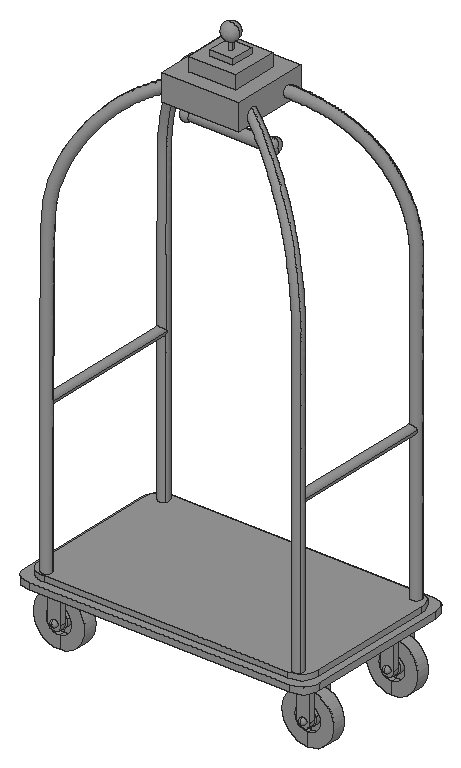
Revit family "DLTY0001-G", category Generic Models, Revit 2017
Family settings
  Can host rebar = No
  Round Connector Dimension = Use Diameter
  Part Type = Normal
  Work Plane-Based = No
  Always vertical = Yes
  Cut with Voids When Loaded = No
  Shared = No
  Room Calculation Point = No
Parameters
  Website = "https://dolphy.in/"  # constant formula
  Manufacturer = "DLTY0001-G"  # constant formula
  Contact number = "+91 9520202035"  # constant formula
  Contact email = "info@dolphy.in"  # constant formula
  Company name = "Dolphy India"  # constant formula
Reference planes
  plane 1 "Center (Front/Back)": y = 0
  plane 2: z = 0
  plane 3 "Center (Left/Right)": x = 0
  plane 4 "Side": through (-540, 315, 1200) normal (0.5039, 0.8638, 0)
  plane 5 "Side 2": through (-540, -315, 1200) normal (-0.5039, 0.8638, 0)
Forms (mm)
  Extrusion 1, solid, material "Base"
    sketch origin (0, 0, 250) x (1, 0, 0) y (0, 1, 0)
      loop
        line (-505, -345) -> (505, -345)
        spline (505, -345) -> (515.382, -344.549) -> (524.861, -343.194) -> (533.438, -340.937) -> (541.111, -337.778) -> (547.882, -333.715) -> (553.75, -328.75) -> (558.715, -322.882) -> (562.778, -316.111) -> (565.938, -308.437) -> (568.194, -299.861) -> (569.549, -290.382) -> (570, -280)
        line (570, -280) -> (570, 280)
        spline (570, 280) -> (569.549, 290.382) -> (568.194, 299.861) -> (565.938, 308.438) -> (562.778, 316.111) -> (558.715, 322.882) -> (553.75, 328.75) -> (547.882, 333.715) -> (541.111, 337.778) -> (533.438, 340.938) -> (524.861, 343.194) -> (515.382, 344.549) -> (505, 345)
        line (505, 345) -> (-505, 345)
        spline (-505, 345) -> (-515.382, 344.549) -> (-524.861, 343.194) -> (-533.438, 340.938) -> (-541.111, 337.778) -> (-547.882, 333.715) -> (-553.75, 328.75) -> (-558.715, 322.882) -> (-562.778, 316.111) -> (-565.938, 308.438) -> (-568.194, 299.861) -> (-569.549, 290.382) -> (-570, 280)
        line (-570, 280) -> (-570, -280)
        spline (-570, -280) -> (-569.549, -290.382) -> (-568.194, -299.861) -> (-565.938, -308.437) -> (-562.778, -316.111) -> (-558.715, -322.882) -> (-553.75, -328.75) -> (-547.882, -333.715) -> (-541.111, -337.778) -> (-533.438, -340.937) -> (-524.861, -343.194) -> (-515.382, -344.549) -> (-505, -345)
    from 0 to 25
  Extrusion 2, solid, material "Carpet"
    sketch origin (0, 0, 250) x (1, 0, 0) y (0, 1, 0)
      loop
        line (-540, 250) -> (-540, -250)
        spline (-540, -250) -> (-539.514, -260.382) -> (-538.056, -269.861) -> (-535.625, -278.437) -> (-532.222, -286.111) -> (-527.847, -292.882) -> (-522.5, -298.75) -> (-516.181, -303.715) -> (-508.889, -307.778) -> (-500.625, -310.937) -> (-491.389, -313.194) -> (-481.181, -314.549) -> (-470, -315)
        line (-470, -315) -> (475, -315)
        spline (475, -315) -> (485.382, -314.549) -> (494.861, -313.194) -> (503.437, -310.938) -> (511.111, -307.778) -> (517.882, -303.715) -> (523.75, -298.75) -> (528.715, -292.882) -> (532.778, -286.111) -> (535.938, -278.438) -> (538.194, -269.861) -> (539.549, -260.382) -> (540, -250)
        line (540, -250) -> (540, 250)
        spline (540, 250) -> (539.549, 260.382) -> (538.194, 269.861) -> (535.937, 278.437) -> (532.778, 286.111) -> (528.715, 292.882) -> (523.75, 298.75) -> (517.882, 303.715) -> (511.111, 307.778) -> (503.437, 310.937) -> (494.861, 313.194) -> (485.382, 314.549) -> (475, 315)
        line (475, 315) -> (-475, 315)
        spline (-475, 315) -> (-485.382, 314.549) -> (-494.861, 313.194) -> (-503.438, 310.938) -> (-511.111, 307.778) -> (-517.882, 303.715) -> (-523.75, 298.75) -> (-528.715, 292.882) -> (-532.778, 286.111) -> (-535.938, 278.438) -> (-538.194, 269.861) -> (-539.549, 260.382) -> (-540, 250)
    from 46.017 to 25
  Revolve 3, solid, material "Rod"
    sketch origin (0.313, 0, 36.562) x (1, 0, 0) y (0, 0, 1)
      loop
        line (0, 2214.315) -> (0, 2149.315)
        spline (0, 2149.315) -> (14.288, 2152.831) -> (19.722, 2156.112) -> (25.702, 2162.337) -> (29.838, 2169.17) -> (31.782, 2175.377) -> (32.385, 2183.073) -> (31.13, 2190.634) -> (27.878, 2198.308) -> (24.145, 2203.463) -> (17.891, 2208.768) -> (11.055, 2212.275) -> (0, 2214.315)
      axis (0, 2214.315) -> (0, 2149.315)
    angle from 0 to 360
  Revolve 4, solid, material "Rod"
    sketch origin (0.313, 0, 36.562) x (1, 0, 0) y (0, 0, 1)
      loop
        line (0, 2154.315) -> (-7.5, 2154.315) -> (-7.5, 2149.315) -> (-7.5, 2119.315) -> (0, 2119.315) -> (0, 2154.315)
      axis (0, 2154.315) -> (0, 2119.315)
    angle from 0 to 360
  Extrusion 5, solid, material "Rod"
    sketch origin (0.313, 0, 36.562) x (1, 0, 0) y (0, 0, 1)
      loop
        line (45, 2119.315) -> (-45, 2119.315) -> (-45, 2099.315) -> (45, 2099.315) -> (45, 2119.315)
    from -45 to 45
  Extrusion 6, solid, material "Rod"
    sketch origin (0.313, 0, 36.562) x (1, 0, 0) y (0, 0, 1)
      loop
        line (90, 2099.315) -> (-90, 2099.315) -> (-90, 2049.315) -> (90, 2049.315) -> (90, 2099.315)
    from -90 to 90
  Extrusion 7, solid, material "Rod"
    sketch origin (0.313, 0, 36.562) x (1, 0, 0) y (0, 0, 1)
      loop
        line (150, 2049.315) -> (-150, 2049.315) -> (-150, 1949.315) -> (150, 1949.315) -> (150, 2049.315)
    from -150 to 150
  Sweep 8, solid, material "Rod"
    path origin (0, 0, 250) x (-0.863779, 0.503871, 0) y (0, 0, 1)
      loop
        spline (564.153, 46.017) -> (563.344, 1057.494) -> (558.892, 1289.428) -> (513.617, 1460.914) -> (395.215, 1635.309) -> (216.233, 1756.342) -> (3.869, 1799.954) -> (-213.001, 1759.947) -> (-386.425, 1649.99) -> (-515.526, 1474.128) -> (-568.498, 1257.703) -> (-569.203, 1111.272) -> (-569.014, 46.017)
    profile origin (-3.342, 1.949, 2049.954) x (0.015879, -0.009263, -0.999831) y (0.503871, 0.863779, 0)
      loop
        circle (0, 0) r 20
  Sweep 9, solid, material "Rod"
    path origin (0, 0, 250) x (-0.863779, -0.503871, 0) y (0, 0, 1)
      loop
        spline (563.514, 46.05) -> (562.395, 1084.061) -> (554.804, 1320.369) -> (499.18, 1492.673) -> (344.175, 1682.467) -> (136.805, 1782.485) -> (-99.721, 1791.726) -> (-316.74, 1705.252) -> (-478.455, 1540.891) -> (-560.634, 1323.786) -> (-567.788, 1186.802) -> (-567.833, 835.615) -> (-567.833, 46.05)
    profile origin (86.137, 50.246, 2041.726) x (-0.152799, -0.089133, -0.98423) y (-0.503871, 0.863779, 0)
      loop
        circle (-0.807, 0) r 20
  Extrusion 10, solid, material "Rod"
    sketch origin (0, 0, 250) x (1, 0, 0) y (0, 0, 1)
      loop
        line (90.312, 1735.878) -> (-89.688, 1735.878) -> (-89.688, 1700.878) -> (90.312, 1700.878) -> (90.312, 1735.878)
    from -90 to 90
  Revolve 11, solid, material "Rod"
    sketch origin (0, 0, 250) x (1, 0, 0) y (0, 0, 1)
      loop
        line (0, 1700.878) -> (-12.5, 1700.878) -> (-12.5, 1645.878) -> (0, 1645.878) -> (0, 1700.878)
      axis (0, 1700.878) -> (0, 1645.878)
    angle from 0 to 360
  Revolve 12, solid, material "Rod"
    sketch origin (0, 0, 250) x (1, 0, 0) y (0, 0, 1)
      loop
        line (150, 1648.878) -> (-150, 1648.878) -> (-150, 1626.378) -> (150, 1626.378) -> (150, 1648.878)
      axis (-150, 1626.378) -> (150, 1626.378)
    angle from 0 to 360
  Revolve 13, solid, material "Rod"
    sketch origin (0, 0, 250) x (1, 0, 0) y (0, 0, 1)
      loop
        line (-150, 1626.378) -> (-150, 1648.878)
        spline (-150, 1648.878) -> (-155.876, 1653.739) -> (-160.298, 1655.468) -> (-164.43, 1656.004) -> (-168.37, 1655.68) -> (-172.32, 1654.568) -> (-175.773, 1652.488) -> (-178.651, 1649.737) -> (-181.11, 1646.32) -> (-182.641, 1642.477) -> (-183.356, 1638.95) -> (-183.259, 1634.405) -> (-180, 1626.378)
        line (-180, 1626.378) -> (-150, 1626.378)
      axis (-180, 1626.378) -> (-150, 1626.378)
    angle from 0 to 360
  Extrusion 14, solid, material "Rod"
    sketch origin (0, 0, 0) x (1, 0, 0) y (0, 0, 1)
      loop
        circle (-486.752, 886.05) r 18
    from -286.115 to 283.938
  Extrusion 15, solid, material "Rod"
    sketch origin (0.552, 0, 0) x (-1, 0, 0) y (0, 0, -1)
      loop
        circle (-486.752, -886.05) r 18
    from -286.115 to 283.938
  Revolve 16, solid, material "Rod"
    sketch origin (0, 0, 250) x (-1, 0, 0) y (0, 0, 1)
      loop
        line (-150, 1626.378) -> (-150, 1648.878)
        spline (-150, 1648.878) -> (-155.876, 1653.739) -> (-160.298, 1655.468) -> (-164.43, 1656.004) -> (-168.37, 1655.68) -> (-172.32, 1654.568) -> (-175.773, 1652.488) -> (-178.651, 1649.737) -> (-181.11, 1646.32) -> (-182.641, 1642.477) -> (-183.356, 1638.95) -> (-183.259, 1634.405) -> (-180, 1626.378)
        line (-180, 1626.378) -> (-150, 1626.378)
      axis (-180, 1626.378) -> (-150, 1626.378)
    angle from 0 to 360
Cuts and joins
  joined: Revolve 3, Revolve 4, Extrusion 5, Extrusion 6, Extrusion 7, Sweep 8, Sweep 9, Extrusion 10, Revolve 11, Revolve 12, Revolve 13, Extrusion 14, Extrusion 15, Revolve 16
Lines and regions (mm)
  model lines
    curve 1: line (0.312, 0, 2000.878) -> (0.312, 0, 1935.878)
    curve 2: line (-507.449, 0, 296.051) -> (-507.449, 0, 276.051)
Dimensions and locks
  aligned and locked: level to plane 2
  aligned and locked: Extrusion 2 to Extrusion 1
  aligned and locked: curve 2 to nested 1
Automatic sketch dimensions
  Extrusion 1 sketch curve to plane 1 "Center (Front/Back)" = 280 mm  (x2)
  Extrusion 1 sketch curve to plane 3 "Center (Left/Right)" = 570 mm
  Extrusion 1 sketch curve to Extrusion 1 sketch curve = 65 mm  (x5)
  plane 3 "Center (Left/Right)" to Extrusion 1 sketch curve = 505 mm  (x2)
  plane 1 "Center (Front/Back)" to Extrusion 1 sketch curve = 280 mm
  plane 1 "Center (Front/Back)" to Extrusion 1 sketch curve = 345 mm
  Extrusion 2 sketch curve to plane 1 "Center (Front/Back)" = 250 mm  (x2)
  Extrusion 2 sketch curve to plane 3 "Center (Left/Right)" = 540 mm
  Extrusion 2 sketch curve to Extrusion 2 sketch curve = 65 mm  (x4)
  Extrusion 2 sketch curve to Extrusion 2 sketch curve = 70 mm
  plane 3 "Center (Left/Right)" to Extrusion 2 sketch curve = 475 mm  (x2)
  plane 1 "Center (Front/Back)" to Extrusion 2 sketch curve = 250 mm  (x2)
  plane 3 "Center (Left/Right)" to Revolve 3 sketch curve = 0.313 mm
  level to Revolve 3 sketch curve = 2185.878 mm
  Revolve 3 sketch curve to Revolve 3 sketch curve = 65 mm
  Revolve 3 sketch curve to Revolve 3 sketch curve = 0 mm  (x2)
  Revolve 3 sketch curve to level = 329.482 mm
  Revolve 4 sketch curve to plane 3 "Center (Left/Right)" = 7.187 mm
  plane 3 "Center (Left/Right)" to Revolve 4 sketch curve = 0.313 mm  (x2)
  level to Revolve 4 sketch curve = 2155.878 mm
  Revolve 4 sketch curve to Revolve 4 sketch curve = 30 mm
  Revolve 4 sketch curve to Revolve 4 sketch curve = 5 mm
  Revolve 4 sketch curve to level = 329.482 mm
  Revolve 4 sketch curve to Revolve 4 sketch curve = 60 mm
  Extrusion 5 sketch curve to plane 3 "Center (Left/Right)" = 44.687 mm
  plane 3 "Center (Left/Right)" to Extrusion 5 sketch curve = 45.313 mm
  level to Extrusion 5 sketch curve = 2135.878 mm
  Extrusion 5 sketch curve to Extrusion 5 sketch curve = 20 mm
  Extrusion 6 sketch curve to plane 3 "Center (Left/Right)" = 89.687 mm
  plane 3 "Center (Left/Right)" to Extrusion 6 sketch curve = 90.313 mm
  level to Extrusion 6 sketch curve = 2085.878 mm
  Extrusion 6 sketch curve to Extrusion 6 sketch curve = 50 mm
  Extrusion 7 sketch curve to plane 3 "Center (Left/Right)" = 149.687 mm
  plane 3 "Center (Left/Right)" to Extrusion 7 sketch curve = 150.313 mm
  level to Extrusion 7 sketch curve = 1985.878 mm
  Extrusion 7 sketch curve to Extrusion 7 sketch curve = 100 mm
  level to Sweep 8 sketch curve = 296.017 mm
  Sweep 8 sketch curve to Sweep 8 sketch curve = 1133.167 mm
  Sweep 8 sketch curve to plane 4 "Side" = 0 mm
  Sweep 8 sketch curve to profile plane = 0 mm
  level to Sweep 9 sketch curve = 296.05 mm
  Sweep 9 sketch curve to Sweep 9 sketch curve = 1131.347 mm
  plane 5 "Side 2" to Sweep 9 sketch curve = 0 mm
  profile plane to Sweep 9 sketch curve = 0.807 mm
  Extrusion 10 sketch curve to plane 3 "Center (Left/Right)" = 89.687 mm
  plane 3 "Center (Left/Right)" to Extrusion 10 sketch curve = 90.313 mm
  level to Extrusion 10 sketch curve = 1950.878 mm
  Extrusion 10 sketch curve to Extrusion 10 sketch curve = 35 mm
  Extrusion 10 sketch curve to Extrusion 10 sketch curve = 0 mm
  Revolve 11 sketch curve to plane 3 "Center (Left/Right)" = 0 mm  (x2)
  Revolve 11 sketch curve to plane 3 "Center (Left/Right)" = 12.5 mm
  level to Revolve 11 sketch curve = 1895.878 mm
  Revolve 11 sketch curve to Revolve 11 sketch curve = 55 mm
  Revolve 11 sketch curve to level = 116.045 mm
  Revolve 11 sketch curve to Revolve 11 sketch curve = 513.437 mm
  Revolve 12 sketch curve to plane 3 "Center (Left/Right)" = 150 mm
  plane 3 "Center (Left/Right)" to Revolve 12 sketch curve = 150 mm
  level to Revolve 12 sketch curve = 1876.378 mm
  Revolve 12 sketch curve to Revolve 12 sketch curve = 22.5 mm
  Revolve 12 sketch curve to Revolve 12 sketch curve = 60 mm
  Revolve 12 sketch curve to Revolve 12 sketch curve = 10 mm
  Revolve 12 sketch curve to Revolve 12 sketch curve = 0 mm
  Revolve 13 sketch curve to plane 3 "Center (Left/Right)" = 180 mm
  Revolve 13 sketch curve to Revolve 13 sketch curve = 30 mm
  level to Revolve 13 sketch curve = 1876.378 mm
  Revolve 13 sketch curve to Revolve 13 sketch curve = 22.5 mm
  Revolve 13 sketch curve to Revolve 13 sketch curve = 1.101 mm
  Revolve 13 sketch curve to Revolve 13 sketch curve = 1.887 mm
  Revolve 13 sketch curve to Revolve 13 sketch curve = 0 mm
  Extrusion 14 sketch curve to plane 3 "Center (Left/Right)" = 486.752 mm
  level to Extrusion 14 sketch curve = 886.05 mm
  Extrusion 15 sketch curve to plane 3 "Center (Left/Right)" = 487.304 mm
  Extrusion 15 sketch curve to level = 886.05 mm
  Revolve 16 sketch curve to plane 3 "Center (Left/Right)" = 180 mm
  Revolve 16 sketch curve to Revolve 16 sketch curve = 30 mm
  Revolve 16 sketch curve to level = 1876.378 mm
  Revolve 16 sketch curve to Revolve 16 sketch curve = 22.5 mm
  Revolve 16 sketch curve to Revolve 16 sketch curve = 1.101 mm
  Revolve 16 sketch curve to Revolve 16 sketch curve = 1.887 mm
  Revolve 16 sketch curve to Revolve 16 sketch curve = 0 mm
  level to curve 2 = 276.051 mm
  plane 3 "Center (Left/Right)" to curve 1 = 0.312 mm
  curve 2 to curve 2 = 20 mm
  curve 1 to curve 1 = 65 mm
  curve 2 to curve 1 = 1639.826 mm
  radius of Sweep 8 sketch curve = 20 mm
  radius of Sweep 9 sketch curve = 20 mm
  radius of Extrusion 14 sketch curve = 18 mm
  radius of Extrusion 15 sketch curve = 18 mm
Nested families
  nested 1: "Family1" at (-482.449, -189.298, 99.8), type "Family1"
  nested 2: "Family1" at (-482.449, 189.298, 99.8), type "Family1"
  nested 3: "Family1" at (483.001, -189.298, 99.8) x (-1, 0, 0) z (0, 0, 1), type "Family1"
  nested 4: "Family1" at (483.001, 189.62, 99.8) x (-1, 0, 0) z (0, 0, 1), type "Family1"
Definition of nested family "Family1"
  Reference planes
    plane 1 "Center (Front/Back)": y = 0
    plane 2: z = 0
    plane 3 "Center (Left/Right)": x = 0
  Forms (mm)
    Revolve 1, solid
      sketch origin (0, -14.626, 0) x (0, 0, 1) y (0, -1, 0)
        loop
          line (100, -25) -> (100, 25) -> (50, 25) -> (50, 5) -> (50, -5) -> (50, -25) -> (100, -25)
        axis (0, -25) -> (0, 25)
      angle from 0 to 360
    Extrusion 2, solid
      sketch origin (0, -17.626, 0) x (1, 0, 0) y (0, 0, 1)
        loop
          spline (-25, 0) -> (-24.826, -3.993) -> (-24.306, -7.639) -> (-23.438, -10.938) -> (-22.222, -13.889) -> (-20.66, -16.493) -> (-18.75, -18.75) -> (-16.493, -20.66) -> (-13.889, -22.222) -> (-10.938, -23.438) -> (-7.639, -24.306) -> (-3.993, -24.826) -> (0, -25)
          spline (0, -25) -> (3.993, -24.826) -> (7.639, -24.306) -> (10.937, -23.438) -> (13.889, -22.222) -> (16.493, -20.66) -> (18.75, -18.75) -> (20.66, -16.493) -> (22.222, -13.889) -> (23.437, -10.938) -> (24.306, -7.639) -> (24.826, -3.993) -> (25, 0)
          line (25, 0) -> (25, 150.2) -> (-25, 150.2) -> (-25, 0)
      from 45 to 25
    Extrusion 3, void
      sketch origin (0, -62.626, 0) x (1, 0, 0) y (0, 0, 1)
        loop
          circle (0, 0.2) r 10
      from 12.5 to -187.952
    Extrusion 4, solid
      sketch origin (0, 58.374, 0.2) x (1, 0, 0) y (0, 0, 1)
        loop
          spline (-25, 0) -> (-24.826, -3.993) -> (-24.306, -7.639) -> (-23.438, -10.938) -> (-22.222, -13.889) -> (-20.66, -16.493) -> (-18.75, -18.75) -> (-16.493, -20.66) -> (-13.889, -22.222) -> (-10.938, -23.438) -> (-7.639, -24.306) -> (-3.993, -24.826) -> (0, -25)
          spline (0, -25) -> (3.993, -24.826) -> (7.639, -24.306) -> (10.937, -23.438) -> (13.889, -22.222) -> (16.493, -20.66) -> (18.75, -18.75) -> (20.66, -16.493) -> (22.222, -13.889) -> (23.437, -10.938) -> (24.306, -7.639) -> (24.826, -3.993) -> (25, 0)
          line (25, 0) -> (25, 150) -> (-25, 150) -> (-25, 0)
      from 45 to 25
    Revolve 5, solid
      sketch origin (0, 0, 0) x (0, 1, 0) y (0, 0, 1)
        loop
          line (33.374, 10.2) -> (-62.626, 10.2) -> (-62.626, 12.7)
          spline (-62.626, 12.7) -> (-64.623, 12.613) -> (-66.446, 12.353) -> (-68.095, 11.919) -> (-69.571, 11.311) -> (-70.873, 10.53) -> (-72.001, 9.575) -> (-72.956, 8.447) -> (-73.737, 7.144) -> (-74.345, 5.669) -> (-74.779, 4.019) -> (-75.039, 2.197) -> (-75.126, 0.2)
          line (-75.126, 0.2) -> (33.325, 0.2) -> (45.874, 0.2)
          spline (45.874, 0.2) -> (45.787, 2.197) -> (45.527, 4.019) -> (45.093, 5.669) -> (44.485, 7.144) -> (43.704, 8.447) -> (42.749, 9.575) -> (41.62, 10.53) -> (40.318, 11.311) -> (38.843, 11.919) -> (37.193, 12.353) -> (35.37, 12.613) -> (33.374, 12.7)
          line (33.374, 12.7) -> (33.374, 10.2)
        axis (45.874, 0.2) -> (-75.126, 0.2)
      angle from 0 to 360
    Extrusion 6, solid
      sketch origin (0, 0, 0) x (1, 0, 0) y (0, 1, 0)
        loop
          line (25, 33.374) -> (-25, 33.374) -> (-25, -62.626) -> (25, -62.626) -> (25, 33.374)
      from 150.2 to 145.2
    Revolve 7, solid
      sketch origin (0, 0, 0) x (0, 1, 0) y (0, 0, 1)
        loop
          line (-9.626, 50) -> (-19.626, 50) -> (-19.626, 30) -> (-34.626, 30) -> (-34.626, 20) -> (5.374, 20) -> (5.374, 30) -> (-9.626, 30) -> (-9.626, 50)
        axis (5.374, 0) -> (-34.626, 0)
      angle from 0 to 360
  Cuts and joins
    Extrusion 3 cuts Extrusion 2
    Extrusion 3 cuts Extrusion 4
  Dimensions and locks
    aligned and locked: level to plane 2
    aligned and locked: cut or joined group of Extrusion 2, Extrusion 3 to cut or joined group of Extrusion 3, Extrusion 4
  Automatic sketch dimensions
    Extrusion 2 sketch curve to plane 3 "Center (Left/Right)" = 0 mm
    Extrusion 2 sketch curve to plane 3 "Center (Left/Right)" = 25 mm
    plane 3 "Center (Left/Right)" to Extrusion 2 sketch curve = 25 mm
    Extrusion 2 sketch curve to level = 25 mm
    Extrusion 2 sketch curve to Extrusion 2 sketch curve = 25 mm
    level to Extrusion 2 sketch curve = 150.2 mm
    Extrusion 3 sketch curve to Extrusion 2 = 25 mm
    Extrusion 3 sketch curve to Extrusion 2 = 150 mm
    Extrusion 4 sketch curve to plane 3 "Center (Left/Right)" = 0 mm
    Extrusion 4 sketch curve to plane 3 "Center (Left/Right)" = 25 mm
    plane 3 "Center (Left/Right)" to Extrusion 4 sketch curve = 25 mm
    Extrusion 4 sketch curve to level = 24.8 mm
    Extrusion 4 sketch curve to Extrusion 4 sketch curve = 25 mm
    level to Extrusion 4 sketch curve = 150.2 mm
    level to Revolve 5 sketch curve = 0.2 mm  (x2)
    plane 1 "Center (Front/Back)" to Revolve 5 sketch curve = 75.126 mm
    level to Revolve 5 sketch curve = 12.7 mm
    Revolve 5 sketch curve to Revolve 5 sketch curve = 12.5 mm
    Revolve 5 sketch curve to plane 1 "Center (Front/Back)" = 33.325 mm
    Revolve 5 sketch curve to Revolve 5 sketch curve = 0.049 mm
    Revolve 5 sketch curve to Revolve 5 sketch curve = 12.549 mm
    Revolve 5 sketch curve to Revolve 5 sketch curve = 10 mm
    Revolve 5 sketch curve to Revolve 5 sketch curve = 2.5 mm
    Revolve 5 sketch curve to Revolve 5 sketch curve = 11.746 mm
    Revolve 5 sketch curve to Revolve 5 sketch curve = 3.545 mm
    Extrusion 6 sketch curve to plane 3 "Center (Left/Right)" = 25 mm
    plane 3 "Center (Left/Right)" to Extrusion 6 sketch curve = 25 mm
    plane 1 "Center (Front/Back)" to Extrusion 6 sketch curve = 62.626 mm
    Extrusion 6 sketch curve to plane 1 "Center (Front/Back)" = 33.374 mm
    Revolve 1 sketch curve to level = 0 mm
    Revolve 1 sketch curve to Revolve 1 sketch curve = 50 mm
    Revolve 1 sketch curve to plane 1 "Center (Front/Back)" = 10.374 mm
    plane 1 "Center (Front/Back)" to Revolve 1 sketch curve = 39.626 mm
    Revolve 1 sketch curve to plane 1 "Center (Front/Back)" = 100.707 mm
    Revolve 1 sketch curve to Revolve 1 sketch curve = 1236.835 mm
    plane 1 "Center (Front/Back)" to Revolve 1 sketch curve = 19.626 mm
    level to Revolve 1 sketch curve = 50 mm
    plane 1 "Center (Front/Back)" to Revolve 1 sketch curve = 9.626 mm
    plane 1 "Center (Front/Back)" to Revolve 7 sketch curve = 34.626 mm
    Revolve 7 sketch curve to Revolve 7 sketch curve = 15 mm
    plane 1 "Center (Front/Back)" to Revolve 7 sketch curve = 9.626 mm
    Revolve 7 sketch curve to plane 1 "Center (Front/Back)" = 5.374 mm
    level to Revolve 7 sketch curve = 20 mm
    Revolve 7 sketch curve to Revolve 7 sketch curve = 10 mm
    Revolve 7 sketch curve to Revolve 7 sketch curve = 0 mm
    Revolve 7 sketch curve to Revolve 7 sketch curve = 20 mm
    radius of Extrusion 3 sketch curve = 10 mm
